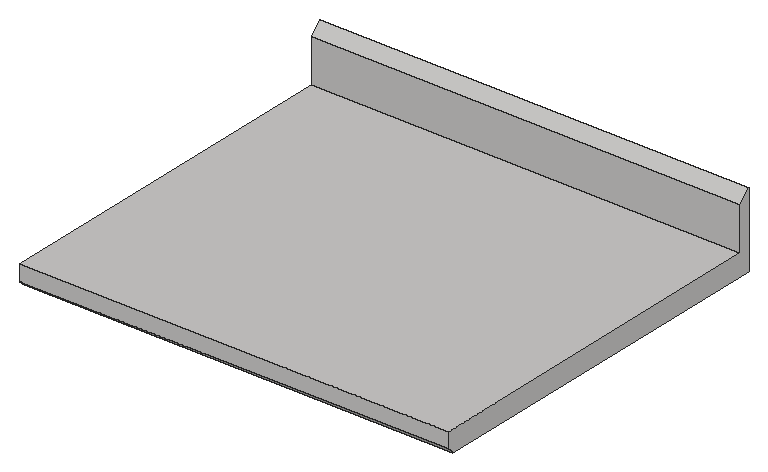
Revit family "QF_ELECTROLUXPROFESSIONAL_121134_TPLA8A", category Attrezzature speciali, Revit 2020
Family settings
  Quota connettore circolare = Usa diametro
  Tipo di parte = Normale
  Basato su piano di lavoro = No
  Sempre verticale = Sì
  Taglio con vuoti quando caricato = No
  Condiviso = No
  Punto di calcolo locali = No
Parameters (values of type "Standard")
  Weight = 29.00 kg
  Watts = 0 W
  Volts = 0 V
  URL Manufacturer = "https://www.electroluxprofessional.com/"
  URL = "https://www.electroluxprofessional.com/"
  Steam Supply Size = 0 mm
  Steam Supply Minimum Pressure = 0.0 Pa
  Steam Supply Maximum Pressure = 0.0 Pa
  Steam Consumption per Hour = 0
  Refrigeration Suction Line Size = 0.0 mm
  Refrigeration Liquid Line Size = 0.0 mm
  Refrigerant Compressor Remote = yes
  Prospetto di default = 0.0 mm
  Phase = 0
  Modello = "TPLA8A"
  Produttore = "Electrolux Professional"
  Length Actual = 800.0 mm  # constant formula
  Item Number = "121134"
  Hot Water Size = 0 mm
  Height Actual = 140.0 mm  # constant formula
  HP = "0 HP"
  Gas Size = 0 mm
  Gas KW = 0
  Gas Input Pressure = 0 W
  Direct Waste Size = 0 mm
  Descrizione = "WORK TOP WITH UPSTAND 800MM"
  Depth Actual = 700.0 mm  # constant formula
  Cycle = 0 Hz
  Condensate Return Size = 0 mm
  Compressed Air Volume = 0.0 L/s
  Compressed Air Size = 0 mm
  Compressed Air Pressure = 0.0 Pa
  Cold Water Size = 0 mm
  Accessory = yes
Reference planes
  plane 1 "Center (Front/Back)": y = 0
  plane 2: z = 0
  plane 3 "Center (Left/Right)": x = 100
  plane 4 "LEFT": x = -300
  plane 5 "RIGHT": x = 500
  plane 6 "BACK": y = 350
  plane 7 "FRONT": y = -350
  plane 8 "TOP": z = 1000
  plane 9: z = 900
  plane 10: z = 860
Forms (mm)
  Extrusion 1, solid, material "QF_Finishes_Stainless Steel"
    sketch origin (100, 0, 0) x (0, 1, 0) y (0, 0, 1)
      loop
        line (350, 1000) -> (330, 980) -> (330, 900) -> (-350, 900) -> (-350, 870) -> (-340, 860) -> (350, 860) -> (350, 1000)
    from 400 to -400
Lines and regions (mm)
  symbolic lines
    curve 1: line (500, 350, 1000) -> (-300, 350, 1000)
    curve 2: line (-300, 350, 1000) -> (-300, -350, 1000)
    curve 3: line (-300, -350, 1000) -> (500, -350, 1000)
    curve 4: line (500, -350, 1000) -> (500, 350, 1000)
    curve 5: line (-300, 330, 1000) -> (500, 330, 1000)
Dimensions and locks
  plane 4 "LEFT" to plane 5 "RIGHT" = 800.0 mm
  equal spacing: plane 4 "LEFT", plane 3 "Center (Left/Right)", plane 5 "RIGHT"
  plane 6 "BACK" to plane 7 "FRONT" = 700.0 mm
  equal spacing: plane 6 "BACK", plane 1 "Center (Front/Back)", plane 7 "FRONT"
  locked: plane 8 "TOP" to plane 9 at 100
  locked: plane 6 "BACK" to Extrusion 1 sketch curve at 20
  plane 10 to level = 860.0 mm
  plane 8 "TOP" to plane 10 = 140.0 mm
  aligned and locked: level to plane 2
  aligned and locked: Extrusion 1 to plane 4 "LEFT"
  aligned and locked: plane 5 "RIGHT" to Extrusion 1
  aligned and locked: curve 2 to plane 4 "LEFT"
  aligned and locked: Extrusion 1 sketch curve to plane 9
  aligned and locked: Extrusion 1 sketch curve to plane 6 "BACK"
  aligned and locked: plane 7 "FRONT" to Extrusion 1 sketch curve
  aligned and locked: plane 10 to Extrusion 1 sketch curve
Automatic sketch dimensions
  curve 3 to plane 7 "FRONT" = 0.0 mm
  curve 4 to plane 5 "RIGHT" = 0.0 mm
  curve 4 to plane 6 "BACK" = 0.0 mm
  curve 5 to plane 6 "BACK" = 20.0 mm
  Extrusion 1 sketch curve to plane 8 "TOP" = 0.0 mm
  Extrusion 1 sketch curve to plane 8 "TOP" = 20.0 mm
  plane 7 "FRONT" to Extrusion 1 sketch curve = 10.0 mm
  level to Extrusion 1 sketch curve = 870.0 mm
